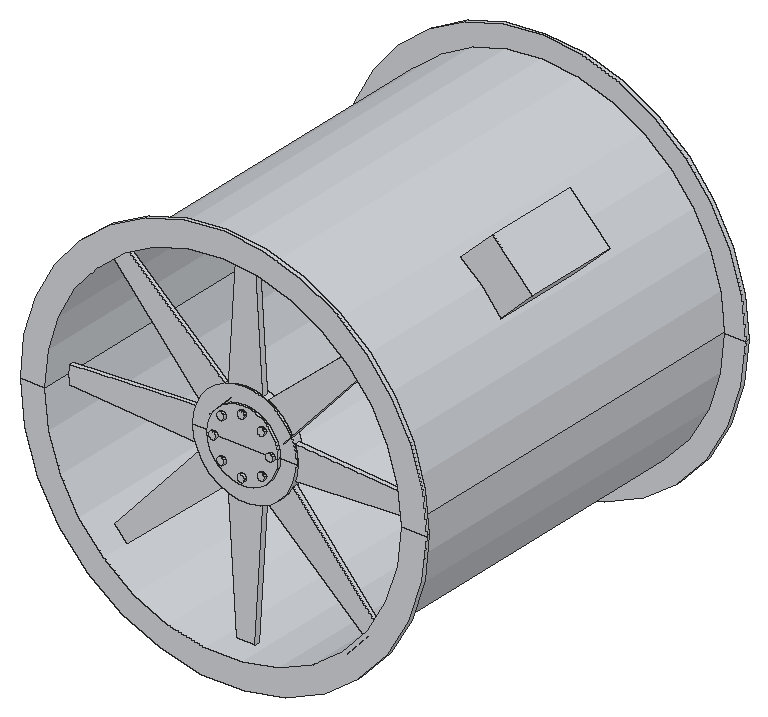
Revit family "CADS_Vent-Axia_MechEquip_Fan_LCA_500_3Ph2P - EXTRACT", category Mechanical Equipment, Revit 2020
Family settings
  Round Connector Dimension = Use Diameter
  Part Type = Normal
  OmniClass Number = 23.75.00.00
  OmniClass Title = Climate Control (HVAC)
  Work Plane-Based = No
  Always vertical = Yes
  Cut with Voids When Loaded = No
  Shared = No
  Room Calculation Point = No
Parameters (values of type "LCA503210")
  nr = NominalDiameter / 2  # 250 mm
  WorkingPressure = 0.0 Pa
  WarrantyStartDate [instance] = "1900-12-31T23:59:59"
  WarrantyPeriod = ""
  WarrantyIdentifier = "N/A"
  WarrantyGuarantorParts = "tech@vent-axia.com"
  WarrantyGuarantorLabor = "tech@vent-axia.com"
  WarrantyGuarantor = "Vent-Axia Limited"
  WarrantyEndDate [instance] = "1900-12-31T23:59:59"
  WarrantyContent = ""
  TemperatureRange = ""
  TagNumber [instance] = "N/A"
  SustainabilityPerformance = ""
  Status = "New"
  Size = ""
  Shape = ""
  ServiceLifeType = ""
  ServiceLifeDuration = ""
  SerialNumber [instance] = "N/A"
  ReplacementCost = ""
  RatedVoltage = 0 V
  RatedCurrent = 0 A
  Quantity = 1
  ProductionYear = ""
  PressureCurve = ""
  PowerFactor = ""
  PointOfContact = ""
  NumberOfPoles = 0
  NominalWidth = 500 mm
  NominalLength = 565 mm
  NominalHeight = 500 mm
  NominalFrequencyRange = ""
  NominalDiameter = 500 mm
  ModelReference = "LCAX 500mm 3PH 2P 10DEG"
  ModelNumber = "LCA503210"
  Material = ""
  ManufacturerE-Mail = "tech@vent-axia.com"
  ManufacturerAddress = "Fleming Way\nCrawley \nRH10 9YX"
  IsExtendedWarranty = no
  InsulationStandardClass = ""
  InstallationDate [instance] = "1900-12-31T23:59:59"
  IfcExportType [instance] = ""
  IfcExportAs = "IfcFanType"
  IP_Code = ""
  HasProtectiveEarth = no
  GrossWeight = 0.00 kg
  Grade = ""
  GlobalTradeItemNumber [instance] = "N/A"
  Fitting Type = "Ignore"
  Finish = ""
  Features = ""
  ExteriorInsulation = no
  ExpectedServiceLife = 0
  Exclusions = ""
  DurationUnit = "Year"
  Default Elevation = 0 mm
  Constituents = ""
  ConductorFunction = ""
  Color = ""
  CodePerformance = ""
  Category = ""
  CADS_Usage = 0
  CADS_Index = 0
  AssetType = "FIXED"
  AssetIdentifier [instance] = "N/A"
  AssemblyPlace = "UNKNOWN"
  ArticleNumber [instance] = "N/A"
  AirflowRateRange = 0.0 L/s
  Air Flow [instance] = 0.0 L/s
  AccessibilityPerformance = ""
Types (16, lengths in mm): name | ModelReference | ModelNumber
  LCA503210 | "LCAX 500mm 3PH 2P 10DEG" | "LCA503210"
  LCA503212 | "LCAX 500mm 3PH 2P 12DEG" | "LCA503212"
  LCA503214 | "LCAX 500mm 3PH 2P 14DEG" | "LCA503214"
  LCA503216 | "LCAX 500mm 3PH 2P 16DEG" | "LCA503216"
  LCA503218 | "LCAX 500mm 3PH 2P 18DEG" | "LCA503218"
  LCA503220 | "LCAX 500mm 3PH 2P 20DEG" | "LCA503220"
  LCA503222 | "LCAX 500mm 3PH 2P 22DEG" | "LCA503222"
  LCA503224 | "LCAX 500mm 3PH 2P 24DEG" | "LCA503224"
  LCA503226 | "LCAX 500mm 3PH 2P 26DEG" | "LCA503226"
  LCA503228 | "LCAX 500mm 3PH 2P 28DEG" | "LCA503228"
  LCA503230 | "LCAX 500mm 3PH 2P 30DEG" | "LCA503230"
  LCA503232 | "LCAX 500mm 3PH 2P 32DEG" | "LCA503232"
  LCA503234 | "LCAX 500mm 3PH 2P 34DEG" | "LCA503234"
  LCA503236 | "LCAX 500mm 3PH 2P 36DEG" | "LCA503236"
  LCA503238 | "LCAX 500mm 3PH 2P 38DEG" | "LCA503238"
  LCA503240 | "LCAX 500mm 3PH 2P 40DEG" | "LCA503240"
Reference planes
  plane 1 "Center (Front/Back)": y = 0
  plane 2: z = 0
  plane 3 "Center (Left/Right)": x = 0
  plane 4: x = -250
  plane 5: x = 250
  plane 6 "F": y = -282.5
  plane 7 "B": y = 282.5
  plane 8: x = -285
  plane 9: y = 277.5
  plane 10: y = -277.5
  plane 11: x = -255
  plane 12: y = -242.5
  plane 13 "top": z = 250
  plane 14: z = -250
  plane 15 "45deg": through (0, -1524, 0) normal (-0.7071, 0, -0.7071)
  plane 16 "C": through (0, -1524, 0) normal (-0.7071, 0, 0.7071)
Forms (mm)
  Revolve 1, solid
    sketch origin (0, 0, 0) x (1, 0, 0) y (0, 1, 0)
      loop
        line (-285, -282.5) -> (-250, -282.5) -> (-250, 282.5) -> (-285, 282.5) -> (-285, 277.5) -> (-255, 277.5) -> (-255, -277.5) -> (-285, -277.5) -> (-285, -282.5)
      axis (0, 282.5) -> (0, -282.5)
    angle from 0 to 360
  Sweep 2, solid
    path origin (0, 0, 0) x (1, 0, 0) y (0, 0, 1)
      loop
        line (176.777, 176.777) -> (222.739, 222.739)
    profile origin (199.758, 0, 199.758) x (-0.707107, 0, 0.707107) y (0, -1, 0)
      loop
        line (37.5, 55) -> (-42.73, 55) -> (-42.73, -79.5) -> (37.5, -79.5) -> (37.5, 55)
Dimensions and locks
  equal spacing: plane 4, plane 3 "Center (Left/Right)", plane 5
  equal spacing: plane 7 "B", plane 1 "Center (Front/Back)", plane 6 "F"
  "NominalLength": plane 7 "B" to plane 6 "F"
  "NominalDiameter": plane 4 to plane 5
  locked: plane 11 to plane 4 at 5
  locked: plane 8 to plane 11 at 30
  locked: plane 6 "F" to plane 10 at 5
  locked: plane 7 "B" to plane 9 at 5
  locked: plane 6 "F" to plane 12 at 40
  equal spacing: plane 13 "top", level, plane 14
  "NominalDiameter": plane 13 "top" to plane 14
  "nr": Sweep 2 sketch curve to nested 13
  Sweep 2 sketch curve to Sweep 2 sketch curve = 65 mm
  aligned and locked: level to plane 2
  aligned and locked: nested 1 to plane 12
Automatic sketch dimensions
  plane 6 "F" to Revolve 1 sketch curve = 0 mm
  Revolve 1 sketch curve to plane 8 = 0 mm  (x2)
  plane 10 to Revolve 1 sketch curve = 0 mm
  Revolve 1 sketch curve to plane 11 = 0 mm
  Revolve 1 sketch curve to plane 4 = 0 mm
  Revolve 1 sketch curve to plane 3 "Center (Left/Right)" = 0 mm
  plane 1 "Center (Front/Back)" to Revolve 1 sketch curve = 0 mm
  Revolve 1 sketch curve to plane 9 = 0 mm
  Revolve 1 sketch curve to plane 7 "B" = 0 mm
  plane 6 "F" to Revolve 1 sketch curve = 115 mm
  plane 1 "Center (Front/Back)" to Sweep 2 sketch curve = 55 mm
  Sweep 2 sketch curve to profile plane = 37.5 mm
  Sweep 2 sketch curve to Sweep 2 sketch curve = 80.23 mm
  Sweep 2 sketch curve to Sweep 2 sketch curve = 134.5 mm
  Sweep 2 sketch curve to plane 16 "C" = 0 mm  (x2)
Nested families
  nested 1: "Fan for ESC" at (0, -242.5, 0), ND <- "NominalDiameter", type "Fan for ESC"
    with hub 50 mm, ND 500 mm, BoltPCD 40 mm, Bolt Count 8, B_Diam 10 mm
  nested 2: "Bolts" at (0, -251.672, -40) x (-1, 0, 0) z (0, 1, 0), type "Bolts"
    with bd 10 mm
  nested 3: "Bolts" at (-28.284, -251.672, -28.284) x (-0.7071, 0, 0.7071) z (0, 1, 0), type "Bolts"
    with bd 10 mm
  nested 4: "Bolts" at (-40, -251.672, 0) x (0, 0, 1) z (0, 1, 0), type "Bolts"
    with bd 10 mm
  nested 5: "Bolts" at (-28.284, -251.672, 28.284) x (0.7071, 0, 0.7071) z (0, 1, 0), type "Bolts"
    with bd 10 mm
  nested 6: "Bolts" at (28.284, -251.672, 28.284) x (0.7071, 0, -0.7071) z (0, 1, 0), type "Bolts"
    with bd 10 mm
  nested 7: "Bolts" at (0, -251.672, 40) x (1, 0, 0) z (0, 1, 0), type "Bolts"
    with bd 10 mm
  nested 8: "ESC Blade" at (0, -242.5, 0), type "ESC Blade"
    with a 20.00°, HR 50 mm, HD 100 mm, BT 25 mm, BR 200 mm, BH 40 mm, BD 500 mm, BB 50 mm
  nested 9: "ESC Blade" at (0, -242.5, 0) x (0.7071, 0, -0.7071) z (0.7071, 0, 0.7071), type "ESC Blade"
    with a 20.00°, HR 50 mm, HD 100 mm, BT 25 mm, BR 200 mm, BH 40 mm, BD 500 mm, BB 50 mm
  nested 10: "ESC Blade" at (0, -242.5, 0) x (0, 0, -1) z (1, 0, 0), type "ESC Blade"
    with a 20.00°, HR 50 mm, HD 100 mm, BT 25 mm, BR 200 mm, BH 40 mm, BD 500 mm, BB 50 mm
  nested 11: "ESC Blade" at (0, -242.5, 0) x (-0.7071, 0, -0.7071) z (0.7071, 0, -0.7071), type "ESC Blade"
    with a 20.00°, HR 50 mm, HD 100 mm, BT 25 mm, BR 200 mm, BH 40 mm, BD 500 mm, BB 50 mm
  nested 12: "ESC Blade" at (0, -242.5, 0) x (-1, 0, 0) z (0, 0, -1), type "ESC Blade"
    with a 20.00°, HR 50 mm, HD 100 mm, BT 25 mm, BR 200 mm, BH 40 mm, BD 500 mm, BB 50 mm
  nested 13: "ESC Blade" at (0, -242.5, 0) x (-0.7071, 0, -0.7071) z (-0.7071, 0, 0.7071), type "ESC Blade"
    with a 20.00°, HR 50 mm, HD 100 mm, BT 25 mm, BR 200 mm, BH 40 mm, BD 500 mm, BB 50 mm
  nested 14: "ESC Blade" at (0, -242.5, 0) x (0, 0, -1) z (-1, 0, 0), type "ESC Blade"
    with a 20.00°, HR 50 mm, HD 100 mm, BT 25 mm, BR 200 mm, BH 40 mm, BD 500 mm, BB 50 mm
  nested 15: "ESC Blade" at (0, -242.5, 0) x (0.7071, 0, -0.7071) z (-0.7071, 0, -0.7071), type "ESC Blade"
    with a 20.00°, HR 50 mm, HD 100 mm, BT 25 mm, BR 200 mm, BH 40 mm, BD 500 mm, BB 50 mm
  nested 16: "Bolts" at (40, -251.672, 0) x (0, 0, -1) z (0, 1, 0), type "Bolts"
    with bd 10 mm
  nested 17: "Bolts" at (28.284, -251.672, -28.284) x (-0.7071, 0, -0.7071) z (0, 1, 0), type "Bolts"
    with bd 10 mm
Connectors
  hvac at (0, -282.5, 0), driven by "NominalDiameter", driven by "Air Flow"
    settings: on Revolve 1, index 1, duct flow 0.0 L/s, flow factor 0, pres drop 0.0 Pa, loss coef 0, conn angle 0.00°, conn width 304.8 mm, conn height 304.8 mm, conn diameter 500 mm, duct sys type 2, conn prof type 0, flow config 0, flow direction 1, loss method 0, conn ref index -1, conn util no, is conn primary yes, conn desc ""
  hvac at (0, 282.5, 0), driven by "NominalDiameter", driven by "Air Flow"
    settings: on Revolve 1, index 2, duct flow 0.0 L/s, flow factor 0, pres drop 0.0 Pa, loss coef 0, conn angle 0.00°, conn width 304.8 mm, conn height 304.8 mm, conn diameter 500 mm, duct sys type 3, conn prof type 0, flow config 1, flow direction 2, loss method 0, conn ref index -1, conn util no, is conn primary no, conn desc ""
Definition of nested family "Fan for ESC"
  Parameters (values of type "Fan for ESC")
    hub [instance] = ND / 10  # 56.7 mm
    ND [instance] = 567 mm
    Model = "."
    Default Elevation = 0 mm
    BoltPCD [instance] = hub - (hub * 0.2)  # 45.36 mm
    Bolt Count [instance] = if(hub < 50 mm, 6, 8)  # 8
    B_Diam [instance] = if(hub < 50 mm, 5 mm, 10 mm)  # 10 mm
  Reference planes
    plane 1 "Center (Front/Back)": y = 0
    plane 2: z = 0
    plane 3 "Center (Left/Right)": x = 0
    plane 4 "back": y = 20
    plane 5 "bolts": y = -9.172
    plane 6 "B": z = 56.7
    plane 7: x = -79.287
    plane 8: x = -56.7
    plane 9 "hubface": y = -6.172
  Forms (mm)
    Revolve 1, solid
      sketch origin (0, 0, 0) x (1, 0, 0) y (0, 1, 0)
        loop
          line (0, 20) -> (-56.7, 20) -> (-56.7, 10.504) -> (-79.287, 10.504) -> (-79.287, -2.597) -> (-56.7, -2.597) -> (-56.7, -6.172) -> (0, -6.172) -> (0, 20)
        axis (0, 20) -> (0, -6.172)
      angle from 0 to 360
    Extrusion 2, solid, not visible
      sketch origin (0, -6.347, -4) x (-1, 0, 0) y (0, 0, 1)
        loop
          circle (0, 84) r 5
      from 0 to 3
  Lines and regions (mm)
    symbolic lines
      curve 1: circle (0, -9.172, 0) r 45.36 normal (0, 1, 0)
    model lines, not visible
      curve 2: line (0, -6.347, 85) -> (0, -6.347, 75)
  Dimensions and locks
    "hub": plane 6 "B" to plane 2
    "hub": nested 3 to plane 3 "Center (Left/Right)"
    "hub": nested 4 to plane 3 "Center (Left/Right)"
    "hub": nested 5 to plane 3 "Center (Left/Right)"
    "hub": plane 3 "Center (Left/Right)" to nested 6
    "hub": Revolve 1 sketch curve to Revolve 1 sketch curve
    "hub": plane 3 "Center (Left/Right)" to nested 7
    "hub": plane 3 "Center (Left/Right)" to nested 8
    "hub": plane 3 "Center (Left/Right)" to nested 9
    "hub": plane 8 to plane 3 "Center (Left/Right)"
    plane 7 to plane 8 = 22.587 mm
    diameter of Extrusion 2 sketch curve = 10 mm
    "BoltPCD": radius of curve 1
    "BoltPCD": radius of radial array
    aligned and locked: level to plane 2
    aligned and locked: plane 6 "B" to nested 1
  Automatic sketch dimensions
    Revolve 1 sketch curve to plane 7 = 0 mm
    Revolve 1 sketch curve to plane 8 = 0 mm  (x2)
    Revolve 1 sketch curve to plane 3 "Center (Left/Right)" = 0 mm
    Revolve 1 sketch curve to plane 9 "hubface" = 0 mm
    plane 4 "back" to Revolve 1 sketch curve = 0 mm
    plane 1 "Center (Front/Back)" to Revolve 1 sketch curve = 2.597 mm
    plane 4 "back" to Revolve 1 sketch curve = 9.496 mm
    Revolve 1 sketch curve to Revolve 1 sketch curve = 5 mm
    Revolve 1 sketch curve to plane 4 "back" = 45 mm
    curve 1 to level = 0 mm
    curve 1 to plane 3 "Center (Left/Right)" = 0 mm
  Nested families
    nested 1: "ESC Blade" at (0, 0, 0), BD <- "ND", HD <- "hub", type "ESC Blade"
      with a 20.00°, HR 56.7 mm, HD 113.4 mm, BT 28.35 mm, BR 226.8 mm, BH 40 mm, BD 567 mm, BB 56.7 mm
    nested 2: "ESC Blade" at (0, 0, 755), BD <- "ND", HD <- "hub", type "ESC Blade", not visible
      with a 20.00°, HR 56.7 mm, HD 113.4 mm, BT 28.35 mm, BR 226.8 mm, BH 40 mm, BD 567 mm, BB 56.7 mm
    nested 3: "ESC Blade" at (0, 0, 0) x (0.7071, 0, -0.7071) z (0.7071, 0, 0.7071), BD <- "ND", HD <- "hub", type "ESC Blade"
      with a 20.00°, HR 56.7 mm, HD 113.4 mm, BT 28.35 mm, BR 226.8 mm, BH 40 mm, BD 567 mm, BB 56.7 mm
    nested 4: "ESC Blade" at (0, 0, 0) x (0, 0, -1) z (1, 0, 0), BD <- "ND", HD <- "hub", type "ESC Blade"
      with a 20.00°, HR 56.7 mm, HD 113.4 mm, BT 28.35 mm, BR 226.8 mm, BH 40 mm, BD 567 mm, BB 56.7 mm
    nested 5: "ESC Blade" at (0, 0, 0) x (-0.7071, 0, -0.7071) z (0.7071, 0, -0.7071), BD <- "ND", HD <- "hub", type "ESC Blade"
      with a 20.00°, HR 56.7 mm, HD 113.4 mm, BT 28.35 mm, BR 226.8 mm, BH 40 mm, BD 567 mm, BB 56.7 mm
    nested 6: "ESC Blade" at (0, 0, 0) x (-1, 0, 0) z (0, 0, -1), BD <- "ND", HD <- "hub", type "ESC Blade"
      with a 20.00°, HR 56.7 mm, HD 113.4 mm, BT 28.35 mm, BR 226.8 mm, BH 40 mm, BD 567 mm, BB 56.7 mm
    nested 7: "ESC Blade" at (0, 0, 0) x (-0.7071, 0, -0.7071) z (-0.7071, 0, 0.7071), BD <- "ND", HD <- "hub", type "ESC Blade"
      with a 20.00°, HR 56.7 mm, HD 113.4 mm, BT 28.35 mm, BR 226.8 mm, BH 40 mm, BD 567 mm, BB 56.7 mm
    nested 8: "ESC Blade" at (0, 0, 0) x (0, 0, -1) z (-1, 0, 0), BD <- "ND", HD <- "hub", type "ESC Blade"
      with a 20.00°, HR 56.7 mm, HD 113.4 mm, BT 28.35 mm, BR 226.8 mm, BH 40 mm, BD 567 mm, BB 56.7 mm
    nested 9: "ESC Blade" at (0, 0, 0) x (0.7071, 0, -0.7071) z (-0.7071, 0, -0.7071), BD <- "ND", HD <- "hub", type "ESC Blade"
      with a 20.00°, HR 56.7 mm, HD 113.4 mm, BT 28.35 mm, BR 226.8 mm, BH 40 mm, BD 567 mm, BB 56.7 mm
    nested 10: "Bolts" at (0, -9.172, 45.36) x (1, 0, 0) z (0, 1, 0), bd <- "B_Diam", type "Bolts"
      with bd 10 mm
    nested 11: "Bolts" at (32.074, -9.172, 32.074) x (0.7071, 0, -0.7071) z (0, 1, 0), bd <- "B_Diam", type "Bolts"
      with bd 10 mm
    nested 12: "Bolts" at (-32.074, -9.172, 32.074) x (0.7071, 0, 0.7071) z (0, 1, 0), bd <- "B_Diam", type "Bolts"
      with bd 10 mm
    nested 13: "Bolts" at (-45.36, -9.172, 0) x (0, 0, 1) z (0, 1, 0), bd <- "B_Diam", type "Bolts"
      with bd 10 mm
    nested 14: "Bolts" at (-32.074, -9.172, -32.074) x (-0.7071, 0, 0.7071) z (0, 1, 0), bd <- "B_Diam", type "Bolts"
      with bd 10 mm
    nested 15: "Bolts" at (0, -9.172, -45.36) x (-1, 0, 0) z (0, 1, 0), bd <- "B_Diam", type "Bolts"
      with bd 10 mm
    nested 16: "Bolts" at (32.074, -9.172, -32.074) x (-0.7071, 0, -0.7071) z (0, 1, 0), bd <- "B_Diam", type "Bolts"
      with bd 10 mm
    nested 17: "Bolts" at (45.36, -9.172, 0) x (0, 0, -1) z (0, 1, 0), bd <- "B_Diam", type "Bolts"
      with bd 10 mm
  Definition of nested family "ESC Blade"
    Parameters (values of type "ESC Blade")
      a [instance] = 20.00°
      HR [instance] = HD / 2  # 30 mm
      HD [instance] = BD / 5  # 60 mm
      Default Elevation = 1219.2 mm
      BT [instance] = BD / 20  # 15 mm
      BR [instance] = (BD / 2) - HR  # 120 mm
      BH [instance] = 40 mm
      BD [instance] = 300 mm
      BB [instance] = BD / 10  # 30 mm
    Reference planes
      plane 1 "Center (Front/Back)": y = 0
      plane 2: z = 0
      plane 3 "Center (Left/Right)": x = 0
      plane 4 "Blade Bot": z = 30
      plane 5: x = -15
      plane 6: x = 15
      plane 7: x = -7.5
      plane 8: x = 7.5
    Forms (mm)
      Blend 1, solid
        base sketch origin (0, 0, 30) x (-1, 0, 0) y (0, -1, 0)
          loop
            line (15, 0) -> (-15, 0) -> (-15, -6) -> (15, -6) -> (15, 0)
        top sketch origin (0, 0, 30) x (-1, 0, 0) y (0, -1, 0)
          loop
            line (7.5, -6) -> (7.5, 0) -> (-7.5, 0) -> (-7.5, -6) -> (7.5, -6)
        from 0 to 120 <- "BR"
    Dimensions and locks
      "HR": plane 4 "Blade Bot" to level
      equal spacing: plane 8, plane 3 "Center (Left/Right)", plane 7
      "BT": plane 8 to plane 7
      equal spacing: plane 6, plane 3 "Center (Left/Right)", plane 5
      "BB": plane 6 to plane 5
      aligned and locked: level to plane 2
    Automatic sketch dimensions
      plane 1 "Center (Front/Back)" to Blend 1 sketch curve = 0 mm  (x2)
      Blend 1 sketch curve to plane 6 = 0 mm
      Blend 1 sketch curve to plane 5 = 0 mm
      Blend 1 sketch curve to plane 1 "Center (Front/Back)" = 6 mm  (x2)
      Blend 1 sketch curve to plane 8 = 0 mm
      Blend 1 sketch curve to plane 7 = 0 mm
  Definition of nested family "Bolts"
    Parameters
      bd [instance] = 10 mm
      Default Elevation = 1219.2 mm
    Reference planes
      plane 1 "Center (Front/Back)": y = 0
      plane 2: z = 0
      plane 3 "Center (Left/Right)": x = 0
    Forms (mm)
      Extrusion 1, solid
        sketch origin (0, 0, 0) x (1, 0, 0) y (0, 1, 0)
          loop
            line (-1219.2, 1219.2) -> (-1219.2, -1219.2) -> (1219.2, -1219.2) -> (1219.2, 1219.2) -> (-1219.2, 1219.2)
        from 0 to -304.8
      Extrusion 2, solid
        sketch origin (0, 0, 0) x (1, 0, 0) y (0, 1, 0)
          loop
            circle (0, 0) r 5
        from 0 to 3
    Dimensions and locks
      "bd": diameter of Extrusion 2 sketch curve
      aligned and locked: plane 2 to Extrusion 1
      aligned and locked: level to Extrusion 1
    Automatic sketch dimensions
      Extrusion 1 sketch curve to Extrusion 1 sketch curve = 2438.4 mm  (x2)
      plane 1 "Center (Front/Back)" to Extrusion 2 sketch curve = 0 mm
      Extrusion 2 sketch curve to plane 3 "Center (Left/Right)" = 0 mm
Definition of nested family "Bolts"
  Parameters
    bd [instance] = 10 mm
    Default Elevation = 1219.2 mm
  Reference planes
    plane 1 "Center (Front/Back)": y = 0
    plane 2: z = 0
    plane 3 "Center (Left/Right)": x = 0
  Forms (mm)
    Extrusion 1, solid
      sketch origin (0, 0, 0) x (1, 0, 0) y (0, 1, 0)
        loop
          line (-1219.2, 1219.2) -> (-1219.2, -1219.2) -> (1219.2, -1219.2) -> (1219.2, 1219.2) -> (-1219.2, 1219.2)
      from 0 to -304.8
    Extrusion 2, solid
      sketch origin (0, 0, 0) x (1, 0, 0) y (0, 1, 0)
        loop
          circle (0, 0) r 5
      from 0 to 3
  Dimensions and locks
    "bd": diameter of Extrusion 2 sketch curve
    aligned and locked: plane 2 to Extrusion 1
    aligned and locked: level to Extrusion 1
  Automatic sketch dimensions
    Extrusion 1 sketch curve to Extrusion 1 sketch curve = 2438.4 mm  (x2)
    plane 1 "Center (Front/Back)" to Extrusion 2 sketch curve = 0 mm
    Extrusion 2 sketch curve to plane 3 "Center (Left/Right)" = 0 mm
Definition of nested family "ESC Blade"
  Parameters (values of type "ESC Blade")
    a [instance] = 20.00°
    HR [instance] = HD / 2  # 30 mm
    HD [instance] = BD / 5  # 60 mm
    Default Elevation = 1219.2 mm
    BT [instance] = BD / 20  # 15 mm
    BR [instance] = (BD / 2) - HR  # 120 mm
    BH [instance] = 40 mm
    BD [instance] = 300 mm
    BB [instance] = BD / 10  # 30 mm
  Reference planes
    plane 1 "Center (Front/Back)": y = 0
    plane 2: z = 0
    plane 3 "Center (Left/Right)": x = 0
    plane 4 "Blade Bot": z = 30
    plane 5: x = -15
    plane 6: x = 15
    plane 7: x = -7.5
    plane 8: x = 7.5
  Forms (mm)
    Blend 1, solid
      base sketch origin (0, 0, 30) x (-1, 0, 0) y (0, -1, 0)
        loop
          line (15, 0) -> (-15, 0) -> (-15, -6) -> (15, -6) -> (15, 0)
      top sketch origin (0, 0, 30) x (-1, 0, 0) y (0, -1, 0)
        loop
          line (7.5, -6) -> (7.5, 0) -> (-7.5, 0) -> (-7.5, -6) -> (7.5, -6)
      from 0 to 120 <- "BR"
  Dimensions and locks
    "HR": plane 4 "Blade Bot" to level
    equal spacing: plane 8, plane 3 "Center (Left/Right)", plane 7
    "BT": plane 8 to plane 7
    equal spacing: plane 6, plane 3 "Center (Left/Right)", plane 5
    "BB": plane 6 to plane 5
    aligned and locked: level to plane 2
  Automatic sketch dimensions
    plane 1 "Center (Front/Back)" to Blend 1 sketch curve = 0 mm  (x2)
    Blend 1 sketch curve to plane 6 = 0 mm
    Blend 1 sketch curve to plane 5 = 0 mm
    Blend 1 sketch curve to plane 1 "Center (Front/Back)" = 6 mm  (x2)
    Blend 1 sketch curve to plane 8 = 0 mm
    Blend 1 sketch curve to plane 7 = 0 mm
